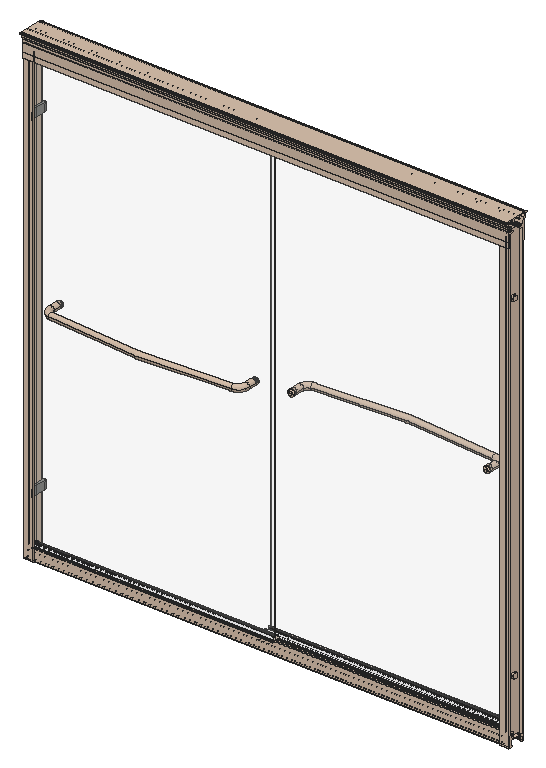
Revit family "Shower-Shower_Door-KOHLER-Fluence-K-702200_1", category Specialty Equipment, host Face, Revit 2021
Family settings
  Host = Face
  Round Connector Dimension = Use Diameter
  Part Type = Normal
  OmniClass Number = 23.31.17.17
  OmniClass Title = Shower Enclosures
  Cut with Voids When Loaded = No
  Shared = No
  Room Calculation Point = No
Parameters (values of type "Clear Glass,ABV-Anodized Brushed Bronze")
  Width [instance] = Walk thru + 31.69291"  # 59.64604"
  WaterSense Certified = 1 = 0  # no
  Walk thru [instance] = 27 61/64"
  URL = "https://www.us.kohler.com/us/"
  Type = 1
  Secondary Finish = Kohler-Glass-L-Crystal_Clear
  Product Page URL = "https://www.us.kohler.com/us/catalog/productDetails.jsp?productId=702200-6L"
  Product Name = "Fluence\r\n"  # constant formula
  Product Documentation Link = "https://www.us.kohler.com/webassets/kpna/catalog/pdf/en/K-702200-6L_spec_US-CA_Kohler_en.pdf"
  Model = if(Type = 1, "K-702200-6L-ABV", if(Type = 2, "K-702200-6L-MX", if(Type = 3, "K-702200-6L-SHP", if(Type = 4, "K-702200-6G54-ABV", if(Type = 5, "K-702200-6G54-MX", if(Type = 6, "K-702200-6G54-SHP", "NA"))))))  # "K-702200-6L-ABV"
  Material = "Premium Metal Construction"  # constant formula
  Master Format 2014 Name = "Shower Doors"  # constant formula
  Master Format 2014 = "10 28 19.16"  # constant formula
  Manufacturer Address = "444 Highland Dr, Kohler, WI 53044"  # constant formula
  Manufacturer = "Kohler Co."  # constant formula
  Length = 7.24567"  # constant formula
  Height = 58.02913"  # constant formula
  Hardware Included = 1 = 1  # yes
  Finish = Kohler-Metal-ABV-Anodized_Brushed_Bronze
  Environmental Product Declaration = ""
  Description = if(or(Type = 1, Type = 2, Type = 3), "54-5/8 - 59-5/8 Inch W x 58 Inch H sliding bath door with 1/4 Inch thick Crystal Clear glass", "54-5/8 - 59-5/8 Inch W x 58 Inch H sliding bath door with 1/4 Inch thick Falling Lines glass")  # "54-5/8 - 59-5/8 Inch W x 58 Inch H sliding bath door with 1/4 Inch thick Crystal Clear glass"
  Default Elevation = 4"
  Declare Label = ""
  Date Modified = "08/09/2022"  # constant formula
  Date Created = "08/09/2022"  # constant formula
  Copyright = "Copyright Kohler Co."  # constant formula
  Contact Us = "https://www.us.kohler.com/us/static/contact.jsp"
  Assembly Code = "C1030200"
  ADA Compliant = 1 = 0  # no
Reference planes (in)
  plane 1 "Center (Front/Back)": y = 0
  plane 2: z = 0
  plane 3 "Center (Left/Right)": x = 0
  plane 4: x = 29.11404
  plane 5: x = -30.532
  plane 6: y = 5.18932
  plane 7: y = -2.05635
  plane 8: x = -0.064
  plane 9: x = 27.88913
  plane 10: x = 28.20704
  plane 11: x = 25.39454
  plane 12: x = 25.14454
  plane 13: x = 28.63153
  plane 14: x = 1.39454
  plane 15: x = 13.39417
  plane 16: x = 1.64454
  plane 17: x = -2.8125
  plane 18: x = -14.8125
  plane 19: x = -26.5625
  plane 20: x = -1.439
  plane 21: z = 28.85509
  plane 22: x = -30
  plane 23: z = 58.02913
  plane 24: x = -27.18808
  plane 25: x = -2.43692
  plane 26: z = 29.23059
  plane 27: z = 28.47942
  plane 28: z = 55.03875
  plane 29: z = 1.63095
  plane 30: y = 3.134
  plane 31: y = 1.56652
  plane 32: z = 57.01108
  plane 33 "D1": y = 2.15619
  plane 34 "D2": y = 1.92619
  plane 35 "P1": y = 0.97781
  plane 36 "P2": y = 1.20781
Dimensions and locks (in)
  locked: plane 5 to plane 8 at 30.468
  "Width": plane 5 to plane 4
  locked: plane 13 to plane 4 at 0.4825
  locked: plane 10 to plane 4 at 0.907
  locked: plane 11 to plane 4 at 3.7195
  locked: plane 12 to plane 4 at 3.9695
  plane 14 to plane 11 = 24"
  locked: plane 14 to plane 16 at 0.25
  plane 12 to plane 11 = 1/4"
  locked: plane 5 to plane 3 "Center (Left/Right)" at 30.532
  "Walk thru": plane 9 to plane 8
  plane 4 to plane 9 = 1.22491"
  "Length": plane 6 to plane 7
  "Height": plane 23 to level
  plane 24 to plane 25 = 24.75117"
  plane 26 to plane 27 = 0.75117"
  plane 28 to plane 29 = 53.4078"
  plane 27 to level = 28.47942"
  aligned and locked: plane 2 to host face
  aligned and locked: level to host face
  aligned and locked: nested 1 to plane 4
  aligned and locked: plane 3 "Center (Left/Right)" to nested 1
Automatic sketch dimensions
  host sketch curve to host sketch curve = 96"  (x2)
Nested families (in)
  nested 1: "K-702200" at (0, 0, 0), type "K-702200"
Definition of nested family "K-702200"
  Parameters (values of type "K-702200")
    Width = Walk Thru + 31.69291"  # 59.64567"
    Walk Thru = 27.95276"
    Secondary Finish = none
    Material = none
    Default Elevation = 0"
  Reference planes (in)
    plane 1 "Center (Front/Back)": y = 0
    plane 2: z = 0
    plane 3 "Center (Left/Right)": x = 0
    plane 4: x = 29.11367
    plane 5: x = -30.532
    plane 6: z = 58.02905
    plane 7: y = 1.56652
    plane 8: y = 5.18932
    plane 9 "F": y = -2.05628
    plane 10: z = 28.85501
    plane 11: x = 25.39417
    plane 12: x = 28.20667
    plane 13: x = 1.39417
    plane 14: x = -26.8125
    plane 15: x = -2.8125
    plane 16: y = 3.134
    plane 17: x = 13.39417
    plane 18: x = 25.14417
    plane 19: x = -26.5625
    plane 20: x = -3.0625
    plane 21: x = 1.64417
    plane 22: z = 57.01108
    plane 23: x = 27.88876
    plane 24 "door2": x = -0.064
    plane 25: x = -14.8125
    plane 26: x = -1.439
    plane 27: x = 28.63117
    plane 28: x = -30
    plane 29: z = 55.03875
    plane 30: z = 1.63095
    plane 31 "door1": y = 2.15619
    plane 32 "d2": y = 1.92619
    plane 33 "P1": y = 1.20781
    plane 34 "P2": y = 0.97781
  Forms (in)
    Extrusion 1, solid, material <- "Material", detail levels medium+fine
      sketch origin (29.093, 2.565, 0) x (0, 1, 0) y (0, 0, 1)
        loop
          line (-0.09022, 0.5137) -> (-0.22807, 0.5137)
          arc (-0.22807, 0.5137) -> (-0.25057, 0.4912) -> (-0.22807, 0.4687) r 0.0225
          line (-0.22807, 0.4687) -> (-0.06534, 0.4687)
          arc (-0.06534, 0.4687) -> (-0.05096, 0.46275) -> (-0.045, 0.44836) r 0.02034
          line (-0.045, 0.44836) -> (-0.045, 0.02241)
          arc (-0.045, 0.02241) -> (-0.0225, -0.00009) -> (0, 0.02241) r 0.0225
          line (0, 0.02241) -> (0, 0.53036) -> (-0.02, 0.565) -> (0, 0.59964) -> (0, 0.6346)
          arc (0, 0.6346) -> (-0.02337, 0.69243) -> (-0.08035, 0.71781) r 0.08326
          line (-0.08035, 0.71781) -> (-1.58747, 0.77044)
          arc (-1.58747, 0.77044) -> (-1.60203, 0.77692) -> (-1.608, 0.7917) r 0.02127
          line (-1.608, 0.7917) -> (-1.608, 0.88625)
          arc (-1.608, 0.88625) -> (-1.60222, 0.90022) -> (-1.58825, 0.906) r 0.01975
          line (-1.58825, 0.906) -> (-1.53212, 0.906)
          arc (-1.53212, 0.906) -> (-1.51817, 0.91194) -> (-1.51279, 0.92611) r 0.01935
          line (-1.51279, 0.92611) -> (-1.53698, 1.5443)
          arc (-1.53698, 1.5443) -> (-1.55307, 1.58284) -> (-1.59045, 1.60147) r 0.05985
          line (-1.59045, 1.60147) -> (-1.86846, 1.63103)
          arc (-1.86846, 1.63103) -> (-1.91436, 1.61616) -> (-1.934, 1.57209) r 0.05927
          line (-1.934, 1.57209) -> (-1.934, 0.01987)
          arc (-1.934, 0.01987) -> (-1.92818, 0.00582) -> (-1.91413, 0) r 0.01987
          line (-1.91413, 0) -> (-1.86764, 0)
          arc (-1.86764, 0) -> (-1.85362, 0.00828) -> (-1.85411, 0.02454) r 0.016
          arc (-1.85411, 0.02454) -> (-1.86729, 0.04224) -> (-1.88302, 0.05771) r 0.14406
          arc (-1.88302, 0.05771) -> (-1.8878, 0.0779) -> (-1.86988, 0.08836) r 0.01743
          arc (-1.86988, 0.08836) -> (-1.82545, 0.07962) -> (-1.78313, 0.06353) r 0.26803
          arc (-1.78313, 0.06353) -> (-1.74156, 0.07912) -> (-1.69803, 0.08787) r 0.27692
          arc (-1.69803, 0.08787) -> (-1.68058, 0.07794) -> (-1.68489, 0.05834) r 0.01692
          arc (-1.68489, 0.05834) -> (-1.70097, 0.0415) -> (-1.71379, 0.02207) r 0.13018
          arc (-1.71379, 0.02207) -> (-1.71346, 0.0073) -> (-1.7006, 0) r 0.01498
          line (-1.7006, 0) -> (-1.65471, 0)
          arc (-1.65471, 0) -> (-1.64006, 0.00606) -> (-1.634, 0.02071) r 0.02071
          line (-1.634, 0.02071) -> (-1.634, 0.08606)
          arc (-1.634, 0.08606) -> (-1.65237, 0.12719) -> (-1.69526, 0.14096) r 0.05523
          arc (-1.69526, 0.14096) -> (-1.74073, 0.13181) -> (-1.78385, 0.11476) r 0.26071
          arc (-1.78385, 0.11476) -> (-1.82519, 0.1319) -> (-1.86875, 0.14215) r 0.27697
          arc (-1.86875, 0.14215) -> (-1.88324, 0.15018) -> (-1.889, 0.16571) r 0.02382
          line (-1.889, 0.16571) -> (-1.889, 1.55999)
          arc (-1.889, 1.55999) -> (-1.88066, 1.57869) -> (-1.86118, 1.585) r 0.02516
          line (-1.86118, 1.585) -> (-1.60441, 1.5577)
          arc (-1.60441, 1.5577) -> (-1.58845, 1.54975) -> (-1.58158, 1.5333) r 0.02555
          line (-1.58158, 1.5333) -> (-1.5598, 0.9768)
          arc (-1.5598, 0.9768) -> (-1.568, 0.95699) -> (-1.58837, 0.95031) r 0.02565
          arc (-1.58837, 0.95031) -> (-1.6336, 0.93599) -> (-1.653, 0.8927) r 0.05799
          line (-1.653, 0.8927) -> (-1.653, 0.79158)
          arc (-1.653, 0.79158) -> (-1.63443, 0.74563) -> (-1.58916, 0.72547) r 0.06615
          line (-1.58916, 0.72547) -> (-0.27166, 0.67946)
          arc (-0.27166, 0.67946) -> (-0.25085, 0.6677) -> (-0.24852, 0.64391) r 0.02591
          arc (-0.24852, 0.64391) -> (-0.24647, 0.62474) -> (-0.22944, 0.6157) r 0.02056
          line (-0.22944, 0.6157) -> (-0.0898, 0.6157)
          arc (-0.0898, 0.6157) -> (-0.0758, 0.6099) -> (-0.07, 0.5959) r 0.0198
          line (-0.07, 0.5959) -> (-0.07, 0.53392)
          arc (-0.07, 0.53392) -> (-0.07592, 0.51963) -> (-0.09022, 0.5137) r 0.02022
      from -59.625 to 0.02067
    Extrusion 2, void
      sketch origin (0, 0, 0) x (0, 1, 0) y (0, 0, 1)
        loop
          line (1.00655, 1.63166) -> (0.58649, 1.66896) -> (0.58649, -0.19685) -> (2.5527, -0.19685) -> (2.5527, 0.74642) -> (1.14238, 0.79512)
          arc (1.14238, 0.79512) -> (1.10316, 0.81216) -> (1.0861, 0.85138) r 0.05833
          line (1.0861, 0.85138) -> (1.06084, 1.57438)
          arc (1.06084, 1.57438) -> (1.04453, 1.61329) -> (1.00655, 1.63166) r 0.0596
      from 27.88876 to 29.11367
    Extrusion 3, solid, material <- "Material", detail levels medium+fine
      sketch origin (0, 0, 0) x (1, 0, 0) y (0, 1, 0)
        loop
          line (-30.532, 2.615) -> (-30.532, 2.565) -> (-30.06986, 2.565)
          arc (-30.06986, 2.565) -> (-30.05582, 2.55918) -> (-30.05, 2.54514) r 0.01986
          line (-30.05, 2.54514) -> (-30.05, 0.60711)
          arc (-30.05, 0.60711) -> (-30.0562, 0.5922) -> (-30.07114, 0.58608) r 0.02103
          arc (-30.07114, 0.58608) -> (-30.30165, 0.58407) -> (-30.532, 0.57549) r 8.08435
          line (-30.532, 0.57549) -> (-30.532, 0.52591)
          arc (-30.532, 0.52591) -> (-29.94328, 0.53519) -> (-29.35471, 0.51888) r 13.54177
          arc (-29.35471, 0.51888) -> (-29.32915, 0.54196) -> (-29.35215, 0.5676) r 0.0244
          arc (-29.35215, 0.5676) -> (-29.66551, 0.58093) -> (-29.97912, 0.58597) r 11.87416
          arc (-29.97912, 0.58597) -> (-29.99389, 0.59213) -> (-30, 0.60691) r 0.02094
          line (-30, 0.60691) -> (-30, 2.573)
          arc (-30, 2.573) -> (-30.0123, 2.6027) -> (-30.042, 2.615) r 0.042
          line (-30.042, 2.615) -> (-30.532, 2.615)
      from 0 to 56.562
    Extrusion 4, solid, material <- "Material", detail levels medium+fine
      sketch origin (0, 0, 0) x (0, 1, 0) y (0, 0, 1)
        loop
          line (2.03453, 57.92717) -> (2.99224, 57.92717)
          arc (2.99224, 57.92717) -> (3.00657, 57.91829) -> (3.00499, 57.9015) r 0.016
          arc (3.00499, 57.9015) -> (2.87918, 57.69582) -> (2.7966, 57.4693) r 1.211
          arc (2.7966, 57.4693) -> (2.71637, 57.10379) -> (2.66101, 56.73369) r 5.54
          arc (2.66101, 56.73369) -> (2.65362, 56.71946) -> (2.63863, 56.71375) r 0.02252
          line (2.63863, 56.71375) -> (2.48969, 56.71375)
          arc (2.48969, 56.71375) -> (2.47471, 56.70754) -> (2.4685, 56.69255) r 0.02119
          line (2.4685, 56.69255) -> (2.4685, 56.65037)
          arc (2.4685, 56.65037) -> (2.40117, 56.6292) -> (2.33201, 56.6151) r 0.68162
          arc (2.33201, 56.6151) -> (2.26784, 56.62545) -> (2.20551, 56.64391) r 0.50723
          arc (2.20551, 56.64391) -> (2.19317, 56.65343) -> (2.1885, 56.66829) r 0.02597
          line (2.1885, 56.66829) -> (2.1885, 56.76401)
          arc (2.1885, 56.76401) -> (2.16043, 56.76364) -> (2.1465, 56.73927) r 0.02829
          line (2.1465, 56.73927) -> (2.1465, 56.66922)
          arc (2.1465, 56.66922) -> (2.15528, 56.63434) -> (2.17952, 56.60777) r 0.07368
          arc (2.17952, 56.60777) -> (2.25361, 56.57327) -> (2.33455, 56.562) r 0.27578
          arc (2.33455, 56.562) -> (2.43391, 56.58164) -> (2.51946, 56.63585) r 0.27556
          arc (2.51946, 56.63585) -> (2.53463, 56.64541) -> (2.55224, 56.64875) r 0.04811
          line (2.55224, 56.64875) -> (2.62922, 56.64875)
          arc (2.62922, 56.64875) -> (2.64424, 56.6422) -> (2.64968, 56.62674) r 0.02051
          arc (2.64968, 56.62674) -> (2.62367, 56.15306) -> (2.615, 55.67875) r 12.97575
          line (2.615, 55.67875) -> (2.615, 55.03875) -> (2.68, 55.03875) -> (2.68, 55.67875)
          arc (2.68, 55.67875) -> (2.69845, 56.28159) -> (2.75373, 56.88217) r 9.85743
          arc (2.75373, 56.88217) -> (2.77708, 57.03828) -> (2.80851, 57.19297) r 3.03223
          arc (2.80851, 57.19297) -> (2.83126, 57.30258) -> (2.85309, 57.41239) r 13.47898
          arc (2.85309, 57.41239) -> (2.89321, 57.55808) -> (2.95509, 57.69594) r 0.98771
          arc (2.95509, 57.69594) -> (2.99248, 57.76158) -> (3.03239, 57.82572) r 1.95097
          arc (3.03239, 57.82572) -> (3.04978, 57.85158) -> (3.06801, 57.87686) r 0.95804
          arc (3.06801, 57.87686) -> (3.09308, 57.9079) -> (3.12047, 57.93691) r 0.51768
          arc (3.12047, 57.93691) -> (3.13048, 57.95166) -> (3.134, 57.96913) r 0.04512
          line (3.134, 57.96913) -> (3.134, 58.00067)
          arc (3.134, 58.00067) -> (3.11557, 58.02539) -> (3.08477, 58.02668) r 0.03588
          arc (3.08477, 58.02668) -> (3.01387, 58.00462) -> (2.94, 57.99717) r 0.36985
          line (2.94, 57.99717) -> (0.194, 57.99717)
          arc (0.194, 57.99717) -> (0.12013, 58.00462) -> (0.04923, 58.02668) r 0.36985
          arc (0.04923, 58.02668) -> (0.01843, 58.02539) -> (0, 58.00067) r 0.03588
          line (0, 58.00067) -> (0, 57.96913)
          arc (0, 57.96913) -> (0.00352, 57.95166) -> (0.01353, 57.93691) r 0.04512
          arc (0.01353, 57.93691) -> (0.04092, 57.9079) -> (0.06599, 57.87686) r 0.51768
          arc (0.06599, 57.87686) -> (0.08422, 57.85158) -> (0.10161, 57.82572) r 0.95804
          arc (0.10161, 57.82572) -> (0.14152, 57.76158) -> (0.17891, 57.69594) r 1.95097
          arc (0.17891, 57.69594) -> (0.24079, 57.55808) -> (0.28091, 57.41239) r 0.98771
          arc (0.28091, 57.41239) -> (0.30274, 57.30258) -> (0.32549, 57.19297) r 13.47898
          arc (0.32549, 57.19297) -> (0.35692, 57.03828) -> (0.38027, 56.88217) r 3.03223
          arc (0.38027, 56.88217) -> (0.43555, 56.28159) -> (0.454, 55.67875) r 9.85743
          line (0.454, 55.67875) -> (0.454, 55.03875) -> (0.519, 55.03875) -> (0.519, 55.67875)
          arc (0.519, 55.67875) -> (0.51033, 56.15306) -> (0.48432, 56.62674) r 12.97575
          arc (0.48432, 56.62674) -> (0.48976, 56.6422) -> (0.50478, 56.64875) r 0.02051
          line (0.50478, 56.64875) -> (0.58176, 56.64875)
          arc (0.58176, 56.64875) -> (0.59937, 56.64541) -> (0.61454, 56.63585) r 0.04811
          arc (0.61454, 56.63585) -> (0.70009, 56.58164) -> (0.79945, 56.562) r 0.27556
          arc (0.79945, 56.562) -> (0.88039, 56.57327) -> (0.95448, 56.60777) r 0.27578
          arc (0.95448, 56.60777) -> (0.97872, 56.63434) -> (0.9875, 56.66922) r 0.07368
          line (0.9875, 56.66922) -> (0.9875, 56.73927)
          arc (0.9875, 56.73927) -> (0.97357, 56.76364) -> (0.9455, 56.76401) r 0.02829
          line (0.9455, 56.76401) -> (0.9455, 56.66829)
          arc (0.9455, 56.66829) -> (0.94083, 56.65343) -> (0.92849, 56.64391) r 0.02597
          arc (0.92849, 56.64391) -> (0.86616, 56.62545) -> (0.80199, 56.6151) r 0.50723
          arc (0.80199, 56.6151) -> (0.73283, 56.6292) -> (0.6655, 56.65037) r 0.68162
          line (0.6655, 56.65037) -> (0.6655, 56.69255)
          arc (0.6655, 56.69255) -> (0.65929, 56.70754) -> (0.64431, 56.71375) r 0.02119
          line (0.64431, 56.71375) -> (0.49537, 56.71375)
          arc (0.49537, 56.71375) -> (0.48038, 56.71946) -> (0.47299, 56.73369) r 0.02252
          arc (0.47299, 56.73369) -> (0.41763, 57.10379) -> (0.3374, 57.4693) r 5.54
          arc (0.3374, 57.4693) -> (0.25482, 57.69582) -> (0.12901, 57.9015) r 1.211
          arc (0.12901, 57.9015) -> (0.12743, 57.91829) -> (0.14176, 57.92717) r 0.016
          line (0.14176, 57.92717) -> (1.09947, 57.92717) -> (1.09947, 57.7152)
          arc (1.09947, 57.7152) -> (1.09611, 57.70005) -> (1.08667, 57.68774) r 0.03584
          line (1.08667, 57.68774) -> (1.0005, 57.61544) -> (1.0005, 57.55017) -> (1.14947, 57.67517) -> (1.14947, 57.92717) -> (1.98453, 57.92717) -> (1.98453, 57.67517) -> (2.1335, 57.55017) -> (2.1335, 57.61544) -> (2.04972, 57.68574)
          arc (2.04972, 57.68574) -> (2.03851, 57.70034) -> (2.03453, 57.71831) r 0.04252
          line (2.03453, 57.71831) -> (2.03453, 57.92717)
      from -30.532 to 29.11367
    Extrusion 5, solid, material <- "Material", detail levels medium+fine
      sketch origin (25.14417, 2.44719, 48) x (0, 1, 0) y (0, 0, 1)
        loop
          line (-0.18, 7.23465) -> (-0.18, 8.27401)
          arc (-0.18, 8.27401) -> (-0.218, 8.3699) -> (-0.31136, 8.41374) r 0.14
          arc (-0.31136, 8.41374) -> (-0.35304, 8.43331) -> (-0.37, 8.47612) r 0.0625
          line (-0.37, 8.47612) -> (-0.37, 9.25601)
          arc (-0.37, 9.25601) -> (-0.41, 9.29601) -> (-0.45, 9.25601) r 0.04
          line (-0.45, 9.25601) -> (-0.45, 8.47612)
          arc (-0.45, 8.47612) -> (-0.46696, 8.43331) -> (-0.50864, 8.41374) r 0.0625
          arc (-0.50864, 8.41374) -> (-0.602, 8.3699) -> (-0.64, 8.27401) r 0.14
          line (-0.64, 8.27401) -> (-0.64, 7.23513)
          arc (-0.64, 7.23513) -> (-0.63399, 7.22013) -> (-0.61928, 7.21345) r 0.02171
          arc (-0.61928, 7.21345) -> (-0.59514, 7.22249) -> (-0.585, 7.2462) r 0.03279
          line (-0.585, 7.2462) -> (-0.545, 7.2462) -> (-0.545, 8.27409)
          arc (-0.545, 8.27409) -> (-0.51867, 8.33767) -> (-0.45509, 8.36401) r 0.08991
          line (-0.45509, 8.36401) -> (-0.37573, 8.36401)
          arc (-0.37573, 8.36401) -> (-0.31582, 8.33919) -> (-0.291, 8.27928) r 0.08473
          line (-0.291, 8.27928) -> (-0.291, 7.2462) -> (-0.235, 7.2462)
          arc (-0.235, 7.2462) -> (-0.22436, 7.22202) -> (-0.19933, 7.21354) r 0.03279
          arc (-0.19933, 7.21354) -> (-0.18556, 7.22034) -> (-0.18, 7.23465) r 0.02119
      from 0.625 to -0.625
    Extrusion 6, solid, material <- "Material", detail levels medium+fine
      sketch origin (0, 3.13304, 0) x (0, -1, 0) y (0, 0, -1)
        loop
          arc (2.26719, -55.23465) -> (2.26163, -55.22034) -> (2.24786, -55.21354) r 0.02119
          arc (2.24786, -55.21354) -> (2.22284, -55.22202) -> (2.21219, -55.2462) r 0.03279
          line (2.21219, -55.2462) -> (2.15619, -55.2462) -> (2.15619, -56.27928)
          arc (2.15619, -56.27928) -> (2.13138, -56.33919) -> (2.07146, -56.36401) r 0.08473
          line (2.07146, -56.36401) -> (1.9921, -56.36401)
          arc (1.9921, -56.36401) -> (1.92853, -56.33767) -> (1.90219, -56.27409) r 0.08991
          line (1.90219, -56.27409) -> (1.90219, -55.2462) -> (1.86219, -55.2462)
          arc (1.86219, -55.2462) -> (1.85205, -55.22249) -> (1.82791, -55.21345) r 0.03279
          arc (1.82791, -55.21345) -> (1.8132, -55.22013) -> (1.80719, -55.23513) r 0.02171
          line (1.80719, -55.23513) -> (1.80719, -56.27401)
          arc (1.80719, -56.27401) -> (1.84519, -56.3699) -> (1.93855, -56.41374) r 0.14
          arc (1.93855, -56.41374) -> (1.98023, -56.43331) -> (1.99719, -56.47612) r 0.0625
          line (1.99719, -56.47612) -> (1.99719, -57.25601)
          arc (1.99719, -57.25601) -> (2.03719, -57.29601) -> (2.07719, -57.25601) r 0.04
          line (2.07719, -57.25601) -> (2.07719, -56.47612)
          arc (2.07719, -56.47612) -> (2.09415, -56.43331) -> (2.13583, -56.41374) r 0.0625
          arc (2.13583, -56.41374) -> (2.2292, -56.3699) -> (2.26719, -56.27401) r 0.14
          line (2.26719, -56.27401) -> (2.26719, -55.23465)
      from -3.6875 to -2.4375
    Extrusion 7, solid, material <- "Material", detail levels medium+fine
      sketch origin (-26.5625, 0.91681, 48) x (0, 1, 0) y (0, 0, 1)
        loop
          arc (-0.05096, 7.23465) -> (-0.04539, 7.22034) -> (-0.03162, 7.21354) r 0.02119
          arc (-0.03162, 7.21354) -> (-0.0066, 7.22202) -> (0.00404, 7.2462) r 0.03279
          line (0.00404, 7.2462) -> (0.06004, 7.2462) -> (0.06004, 8.27928)
          arc (0.06004, 8.27928) -> (0.08486, 8.33919) -> (0.14477, 8.36401) r 0.08473
          line (0.14477, 8.36401) -> (0.22413, 8.36401)
          arc (0.22413, 8.36401) -> (0.28771, 8.33767) -> (0.31404, 8.27409) r 0.08991
          line (0.31404, 8.27409) -> (0.31404, 7.2462) -> (0.35404, 7.2462)
          arc (0.35404, 7.2462) -> (0.36418, 7.22249) -> (0.38832, 7.21345) r 0.03279
          arc (0.38832, 7.21345) -> (0.40303, 7.22013) -> (0.40904, 7.23513) r 0.02171
          line (0.40904, 7.23513) -> (0.40904, 8.27401)
          arc (0.40904, 8.27401) -> (0.37105, 8.3699) -> (0.27768, 8.41374) r 0.14
          arc (0.27768, 8.41374) -> (0.236, 8.43331) -> (0.21904, 8.47612) r 0.0625
          line (0.21904, 8.47612) -> (0.21904, 9.25601)
          arc (0.21904, 9.25601) -> (0.17904, 9.29601) -> (0.13904, 9.25601) r 0.04
          line (0.13904, 9.25601) -> (0.13904, 8.47612)
          arc (0.13904, 8.47612) -> (0.12208, 8.43331) -> (0.0804, 8.41374) r 0.0625
          arc (0.0804, 8.41374) -> (-0.01296, 8.3699) -> (-0.05096, 8.27401) r 0.14
          line (-0.05096, 8.27401) -> (-0.05096, 7.23465)
      from -0.625 to 0.625
    Revolve 8, solid, material <- "Material", detail levels medium+fine
      sketch origin (-26.5625, 0.91681, 48) x (0, 1, 0) y (0, 0, 1)
        loop
          line (0.12505, 9.2303) -> (0.015, 9.2303) -> (0.015, 9.35664) -> (-0.01506, 9.3867) -> (-0.20491, 9.3867) -> (-0.235, 9.35661) -> (-0.235, 9.01108) -> (0.14906, 9.01108) -> (0.14906, 9.20629) -> (0.12505, 9.2303)
        axis (0.14906, 9.01108) -> (-0.235, 9.01108)
      angle from 0 to 360
    Revolve 9, solid, material <- "Material", detail levels medium+fine
      sketch origin (25.14417, 2.44719, 48) x (0, 1, 0) y (0, 0, 1)
        loop
          line (-0.35601, 9.2303) -> (-0.38002, 9.20629) -> (-0.38002, 9.01108) -> (0.00404, 9.01108) -> (0.00404, 9.35661) -> (-0.02605, 9.3867) -> (-0.2159, 9.3867) -> (-0.24596, 9.35664) -> (-0.24596, 9.2303) -> (-0.35601, 9.2303)
        axis (-0.38002, 9.01108) -> (0.00404, 9.01108)
      angle from 0 to 360
    Extrusion 10, solid, material <- "Secondary Finish"
      sketch origin (0, 0, 0) x (1, 0, 0) y (0, 1, 0)
        loop
          spline (-29.52603, 1.20781) -> (-29.53134, 1.20017) -> (-29.53629, 1.19205) -> (-29.54087, 1.18348) -> (-29.54505, 1.17449) -> (-29.54882, 1.16514) -> (-29.55217, 1.15545) -> (-29.55507, 1.14547) -> (-29.55751, 1.13524) -> (-29.55949, 1.12481) -> (-29.561, 1.11422) -> (-29.56202, 1.10352) -> (-29.56256, 1.09275)
          spline (-29.56256, 1.09275) -> (-29.56215, 1.08199) -> (-29.56123, 1.0713) -> (-29.55981, 1.06072) -> (-29.55788, 1.0503) -> (-29.55547, 1.04009) -> (-29.55258, 1.03012) -> (-29.54923, 1.02044) -> (-29.54542, 1.01109) -> (-29.54118, 1.00212) -> (-29.53652, 0.99355) -> (-29.53146, 0.98544) -> (-29.52603, 0.97781)
          line (-29.52603, 0.97781) -> (-0.1001, 0.97781)
          spline (-0.1001, 0.97781) -> (-0.08929, 0.99334) -> (-0.08013, 1.01081) -> (-0.07282, 1.02987) -> (-0.0675, 1.05016) -> (-0.06426, 1.07128) -> (-0.06317, 1.09281) -> (-0.06426, 1.11434) -> (-0.0675, 1.13546) -> (-0.07282, 1.15574) -> (-0.08013, 1.1748) -> (-0.08929, 1.19227) -> (-0.1001, 1.20781)
          line (-0.1001, 1.20781) -> (-29.52603, 1.20781)
      from 1.38601 to 56.32401
    Extrusion 11, solid
      sketch origin (0, 0, 0) x (0, 1, 0) y (0, 0, 1)
        loop
          line (1.82555, 1.89817) -> (1.54335, 1.44917)
          arc (1.54335, 1.44917) -> (1.55121, 1.4147) -> (1.58568, 1.42257) r 0.025
          line (1.58568, 1.42257) -> (1.858, 1.85583)
          arc (1.858, 1.85583) -> (1.87293, 1.86129) -> (1.88195, 1.8482) r 0.01298
          line (1.88195, 1.8482) -> (1.85669, 1.39636)
          arc (1.85669, 1.39636) -> (1.87223, 1.35389) -> (1.91377, 1.33601) r 0.05717
          line (1.91377, 1.33601) -> (2.16947, 1.33601)
          arc (2.16947, 1.33601) -> (2.21042, 1.35364) -> (2.22574, 1.39551) r 0.05636
          line (2.22574, 1.39551) -> (2.20098, 1.83834)
          arc (2.20098, 1.83834) -> (2.21177, 1.854) -> (2.22964, 1.84747) r 0.01553
          line (2.22964, 1.84747) -> (2.49731, 1.4216)
          arc (2.49731, 1.4216) -> (2.53178, 1.41374) -> (2.53964, 1.44821) r 0.025
          line (2.53964, 1.44821) -> (2.25616, 1.89924)
          arc (2.25616, 1.89924) -> (2.1896, 1.92358) -> (2.1494, 1.86522) r 0.05786
          line (2.1494, 1.86522) -> (2.15143, 1.82892)
          arc (2.15143, 1.82892) -> (2.13228, 1.80782) -> (2.15366, 1.78898) r 0.02
          line (2.15366, 1.78898) -> (2.15757, 1.71909)
          arc (2.15757, 1.71909) -> (2.13871, 1.69801) -> (2.1598, 1.67915) r 0.02
          line (2.1598, 1.67915) -> (2.16371, 1.60926)
          arc (2.16371, 1.60926) -> (2.14508, 1.58819) -> (2.16594, 1.56933) r 0.02
          line (2.16594, 1.56933) -> (2.17505, 1.40639)
          arc (2.17505, 1.40639) -> (2.1698, 1.39205) -> (2.15578, 1.38601) r 0.0193
          line (2.15578, 1.38601) -> (1.92695, 1.38601)
          arc (1.92695, 1.38601) -> (1.91269, 1.39215) -> (1.90735, 1.40673) r 0.01963
          line (1.90735, 1.40673) -> (1.91644, 1.56933)
          arc (1.91644, 1.56933) -> (1.93809, 1.58815) -> (1.91867, 1.60926) r 0.02001
          line (1.91867, 1.60926) -> (1.92258, 1.67915)
          arc (1.92258, 1.67915) -> (1.94359, 1.69801) -> (1.92481, 1.71909) r 0.02
          line (1.92481, 1.71909) -> (1.92872, 1.78898)
          arc (1.92872, 1.78898) -> (1.9497, 1.80784) -> (1.93095, 1.82892) r 0.02
          line (1.93095, 1.82892) -> (1.93291, 1.86396)
          arc (1.93291, 1.86396) -> (1.89248, 1.92265) -> (1.82555, 1.89817) r 0.05819
      from -1.439 to 28.20667
    Extrusion 12, solid
      sketch origin (0, 0, 0) x (0, 1, 0) y (0, 0, 1)
        loop
          line (0.8773, 1.89817) -> (0.59509, 1.44917)
          arc (0.59509, 1.44917) -> (0.60296, 1.4147) -> (0.63743, 1.42257) r 0.025
          line (0.63743, 1.42257) -> (0.90974, 1.85583)
          arc (0.90974, 1.85583) -> (0.92467, 1.86129) -> (0.9337, 1.8482) r 0.01298
          line (0.9337, 1.8482) -> (0.90843, 1.39636)
          arc (0.90843, 1.39636) -> (0.92398, 1.35389) -> (0.96551, 1.33601) r 0.05717
          line (0.96551, 1.33601) -> (1.22121, 1.33601)
          arc (1.22121, 1.33601) -> (1.26216, 1.35364) -> (1.27748, 1.39551) r 0.05636
          line (1.27748, 1.39551) -> (1.25272, 1.83834)
          arc (1.25272, 1.83834) -> (1.26351, 1.854) -> (1.28138, 1.84747) r 0.01553
          line (1.28138, 1.84747) -> (1.54905, 1.4216)
          arc (1.54905, 1.4216) -> (1.58352, 1.41374) -> (1.59138, 1.44821) r 0.025
          line (1.59138, 1.44821) -> (1.3079, 1.89924)
          arc (1.3079, 1.89924) -> (1.24134, 1.92358) -> (1.20114, 1.86522) r 0.05786
          line (1.20114, 1.86522) -> (1.20317, 1.82892)
          arc (1.20317, 1.82892) -> (1.18402, 1.80782) -> (1.2054, 1.78898) r 0.02
          line (1.2054, 1.78898) -> (1.20931, 1.71909)
          arc (1.20931, 1.71909) -> (1.19045, 1.69801) -> (1.21154, 1.67915) r 0.02
          line (1.21154, 1.67915) -> (1.21545, 1.60926)
          arc (1.21545, 1.60926) -> (1.19682, 1.58819) -> (1.21768, 1.56933) r 0.02
          line (1.21768, 1.56933) -> (1.22679, 1.40639)
          arc (1.22679, 1.40639) -> (1.22155, 1.39205) -> (1.20752, 1.38601) r 0.0193
          line (1.20752, 1.38601) -> (0.97869, 1.38601)
          arc (0.97869, 1.38601) -> (0.96443, 1.39215) -> (0.95909, 1.40673) r 0.01963
          line (0.95909, 1.40673) -> (0.96818, 1.56933)
          arc (0.96818, 1.56933) -> (0.98983, 1.58815) -> (0.97041, 1.60926) r 0.02001
          line (0.97041, 1.60926) -> (0.97432, 1.67915)
          arc (0.97432, 1.67915) -> (0.99533, 1.69801) -> (0.97656, 1.71909) r 0.02
          line (0.97656, 1.71909) -> (0.98046, 1.78898)
          arc (0.98046, 1.78898) -> (1.00144, 1.80784) -> (0.9827, 1.82892) r 0.02
          line (0.9827, 1.82892) -> (0.98465, 1.86396)
          arc (0.98465, 1.86396) -> (0.94423, 1.92265) -> (0.8773, 1.89817) r 0.05819
      from -29.6249 to 0
    Extrusion 13, solid, material <- "Secondary Finish"
      sketch origin (0, 0.94838, 0) x (1, 0, 0) y (0, 1, 0)
        loop
          spline (-1.34039, 1.20781) -> (-1.34569, 1.20017) -> (-1.35064, 1.19205) -> (-1.35522, 1.18348) -> (-1.35941, 1.17449) -> (-1.36318, 1.16514) -> (-1.36652, 1.15545) -> (-1.36942, 1.14547) -> (-1.37187, 1.13524) -> (-1.37385, 1.12481) -> (-1.37535, 1.11422) -> (-1.37638, 1.10352) -> (-1.37692, 1.09275)
          spline (-1.37692, 1.09275) -> (-1.3765, 1.08199) -> (-1.37558, 1.0713) -> (-1.37416, 1.06072) -> (-1.37224, 1.0503) -> (-1.36983, 1.04009) -> (-1.36694, 1.03012) -> (-1.36358, 1.02044) -> (-1.35978, 1.01109) -> (-1.35553, 1.00212) -> (-1.35087, 0.99355) -> (-1.34581, 0.98544) -> (-1.34038, 0.97781)
          line (-1.34038, 0.97781) -> (28.10722, 0.97781)
          spline (28.10722, 0.97781) -> (28.11804, 0.99334) -> (28.12719, 1.01081) -> (28.1345, 1.02987) -> (28.13983, 1.05016) -> (28.14306, 1.07128) -> (28.14415, 1.09281) -> (28.14306, 1.11434) -> (28.13983, 1.13546) -> (28.1345, 1.15574) -> (28.12719, 1.1748) -> (28.11803, 1.19227) -> (28.10722, 1.20781)
          line (28.10722, 1.20781) -> (-1.34039, 1.20781)
      from 1.38601 to 56.32401
    Sweep 14, solid, material <- "Material"
      path origin (-1.439, 3.13304, 0) x (-1, 0, 0) y (0, -1, 0)
        loop
          line (-26.45828, 0.9827) -> (-26.45828, 0.06247)
          arc (-26.45828, 0.06247) -> (-26.3135, -0.32488) -> (-25.95015, -0.5223) r 0.59055
          arc (-25.95015, -0.5223) -> (-14.83326, -1.30186) -> (-3.71636, -0.52232) r 79.6573
          arc (-3.71636, -0.52232) -> (-3.35301, -0.3249) -> (-3.20823, 0.06245) r 0.59055
          line (-3.20823, 0.06245) -> (-3.20823, 0.9827)
      profile origin (1.76923, 2.15035, 0) x (1, 0, 0) y (0, 0, 1)
        loop
          circle (-0.37506, 28.85501) r 0.3759
    Revolve 15, solid, material <- "Material"
      sketch origin (0, 2.89619, 28.85501) x (0, 1, 0) y (-1, 0, 0)
        loop
          arc (-1.15974, -25.01911) -> (-1.17793, -25.02026) -> (-1.19583, -25.02371) r 0.1438
          arc (-1.19583, -25.02371) -> (-1.2501, -25.0535) -> (-1.28362, -25.10554) r 0.12596
          arc (-1.28362, -25.10554) -> (-1.31892, -25.24794) -> (-1.33079, -25.39417) r 0.90662
          line (-1.33079, -25.39417) -> (-1.022, -25.39417) -> (-1.022, -25.18817) -> (-1.115, -25.18817) -> (-1.115, -25.01911) -> (-1.15974, -25.01911)
        axis (-1.022, -25.39417) -> (-1.33079, -25.39417)
      angle from 0 to 360
    Extrusion 16, solid, material <- "Material", detail levels medium+fine
      sketch origin (1.64417, 2.44719, 48) x (0, 1, 0) y (0, 0, -1)
        loop
          arc (-0.18, -7.23465) -> (-0.18556, -7.22034) -> (-0.19933, -7.21354) r 0.02119
          arc (-0.19933, -7.21354) -> (-0.22436, -7.22202) -> (-0.235, -7.2462) r 0.03279
          line (-0.235, -7.2462) -> (-0.291, -7.2462) -> (-0.291, -8.27928)
          arc (-0.291, -8.27928) -> (-0.31582, -8.33919) -> (-0.37573, -8.36401) r 0.08473
          line (-0.37573, -8.36401) -> (-0.45509, -8.36401)
          arc (-0.45509, -8.36401) -> (-0.51867, -8.33767) -> (-0.545, -8.27409) r 0.08991
          line (-0.545, -8.27409) -> (-0.545, -7.2462) -> (-0.585, -7.2462)
          arc (-0.585, -7.2462) -> (-0.59514, -7.22249) -> (-0.61928, -7.21345) r 0.03279
          arc (-0.61928, -7.21345) -> (-0.63399, -7.22013) -> (-0.64, -7.23513) r 0.02171
          line (-0.64, -7.23513) -> (-0.64, -8.27401)
          arc (-0.64, -8.27401) -> (-0.602, -8.3699) -> (-0.50864, -8.41374) r 0.14
          arc (-0.50864, -8.41374) -> (-0.46696, -8.43331) -> (-0.45, -8.47612) r 0.0625
          line (-0.45, -8.47612) -> (-0.45, -9.25601)
          arc (-0.45, -9.25601) -> (-0.41, -9.29601) -> (-0.37, -9.25601) r 0.04
          line (-0.37, -9.25601) -> (-0.37, -8.47612)
          arc (-0.37, -8.47612) -> (-0.35304, -8.43331) -> (-0.31136, -8.41374) r 0.0625
          arc (-0.31136, -8.41374) -> (-0.218, -8.3699) -> (-0.18, -8.27401) r 0.14
          line (-0.18, -8.27401) -> (-0.18, -7.23465)
      from 0.625 to -0.625
    Revolve 17, solid, material <- "Material", detail levels medium+fine
      sketch origin (1.64417, 2.44719, 48) x (0, 1, 0) y (0, 0, 1)
        loop
          line (-0.35601, 9.2303) -> (-0.38002, 9.20629) -> (-0.38002, 9.01108) -> (0.00404, 9.01108) -> (0.00404, 9.35661) -> (-0.02605, 9.3867) -> (-0.2159, 9.3867) -> (-0.24596, 9.35664) -> (-0.24596, 9.2303) -> (-0.35601, 9.2303)
        axis (-0.38002, 9.01108) -> (0.00404, 9.01108)
      angle from 0 to 360
    Revolve 18, solid, material <- "Material"
      sketch origin (26.747, 2.89619, 28.85501) x (0, 1, 0) y (-1, 0, 0)
        loop
          line (-1.15974, 24.97777) -> (-1.115, 24.97777) -> (-1.115, 25.14683) -> (-1.022, 25.14683) -> (-1.022, 25.35283) -> (-1.33079, 25.35283)
          arc (-1.33079, 25.35283) -> (-1.31892, 25.2066) -> (-1.28362, 25.0642) r 0.90662
          arc (-1.28362, 25.0642) -> (-1.2501, 25.01216) -> (-1.19583, 24.98237) r 0.12596
          arc (-1.19583, 24.98237) -> (-1.17793, 24.97893) -> (-1.15974, 24.97777) r 0.1438
        axis (-1.022, 25.35283) -> (-1.33079, 25.35283)
      angle from 0 to 360
    Revolve 19, solid, material <- "Material", detail levels medium+fine
      sketch origin (-3.0625, 0.91681, 48) x (0, 1, 0) y (0, 0, -1)
        loop
          line (0.12505, -9.2303) -> (0.14906, -9.20629) -> (0.14906, -9.01108) -> (-0.235, -9.01108) -> (-0.235, -9.35661) -> (-0.20491, -9.3867) -> (-0.01506, -9.3867) -> (0.015, -9.35664) -> (0.015, -9.2303) -> (0.12505, -9.2303)
        axis (0.14906, -9.01108) -> (-0.235, -9.01108)
      angle from 0 to 360
    Extrusion 20, solid, material <- "Material", detail levels medium+fine
      sketch origin (28.586, 1.56956, 56.562) x (1, 0, 0) y (0, 1, 0)
        loop
          line (0.52767, 1.0395) -> (0.03717, 1.0395)
          arc (0.03717, 1.0395) -> (0.00747, 1.0272) -> (-0.00483, 0.9975) r 0.042
          line (-0.00483, 0.9975) -> (-0.00483, -0.96859)
          arc (-0.00483, -0.96859) -> (-0.01095, -0.98337) -> (-0.02572, -0.98953) r 0.02094
          arc (-0.02572, -0.98953) -> (-0.33932, -0.99457) -> (-0.65268, -1.0079) r 11.87416
          arc (-0.65268, -1.0079) -> (-0.67569, -1.03354) -> (-0.65012, -1.05662) r 0.0244
          arc (-0.65012, -1.05662) -> (-0.06155, -1.04031) -> (0.52717, -1.04959) r 13.54177
          line (0.52717, -1.04959) -> (0.52717, -1.00001)
          arc (0.52717, -1.00001) -> (0.29681, -0.99143) -> (0.06631, -0.98942) r 8.08435
          arc (0.06631, -0.98942) -> (0.05136, -0.9833) -> (0.04517, -0.96839) r 0.02103
          line (0.04517, -0.96839) -> (0.04517, 0.96964)
          arc (0.04517, 0.96964) -> (0.05098, 0.98368) -> (0.06503, 0.9895) r 0.01986
          line (0.06503, 0.9895) -> (0.52767, 0.9895) -> (0.52767, 1.0395)
      from -56.546 to 0
    Extrusion 21, void
      sketch origin (-66.88633, 0.00406, 0) x (0, 1, 0) y (0, 0, 1)
        loop
          line (1.00655, 1.63166) -> (0.58855, 1.66877) -> (0.58855, -0.19685) -> (2.54039, -0.19685) -> (2.54039, 0.74685) -> (1.14238, 0.79512)
          arc (1.14238, 0.79512) -> (1.10316, 0.81216) -> (1.0861, 0.85138) r 0.05833
          line (1.0861, 0.85138) -> (1.06084, 1.57438)
          arc (1.06084, 1.57438) -> (1.04453, 1.61329) -> (1.00655, 1.63166) r 0.0596
      from 36.35433 to 37.73228
    Revolve 22, solid, material <- "Material"
      sketch origin (0, 2.89619, 28.85501) x (0, 1, 0) y (-1, 0, 0)
        loop
          line (-1.54338, 26.8125) -> (-1.3268, 26.8125)
          arc (-1.3268, 26.8125) -> (-1.33211, 26.90911) -> (-1.34796, 27.00455) r 0.88222
          arc (-1.34796, 27.00455) -> (-1.3607, 27.05465) -> (-1.37638, 27.10391) r 0.87371
          arc (-1.37638, 27.10391) -> (-1.42209, 27.16452) -> (-1.49442, 27.18756) r 0.12511
          line (-1.49442, 27.18756) -> (-1.54338, 27.18756) -> (-1.54338, 26.8125)
        axis (-1.54338, 26.8125) -> (-1.3268, 26.8125)
      angle from 0 to 360
    Revolve 23, solid, material <- "Material"
      sketch origin (0, 2.89619, 28.85501) x (0, 1, 0) y (-1, 0, 0)
        loop
          line (-1.54338, 3.01853) -> (-1.63638, 3.01853) -> (-1.63638, 2.8125) -> (-1.3268, 2.8125)
          arc (-1.3268, 2.8125) -> (-1.33211, 2.90911) -> (-1.34796, 3.00455) r 0.88222
          arc (-1.34796, 3.00455) -> (-1.3607, 3.05465) -> (-1.37638, 3.10391) r 0.87371
          arc (-1.37638, 3.10391) -> (-1.42209, 3.16452) -> (-1.49442, 3.18756) r 0.12511
          line (-1.49442, 3.18756) -> (-1.54338, 3.18756) -> (-1.54338, 3.01853)
        axis (-1.63638, 2.8125) -> (-1.3268, 2.8125)
      angle from 0 to 360
    Extrusion 24, solid, detail levels medium+fine
      sketch origin (0, 0, 0) x (1, 0, 0) y (0, 1, 0)
        loop
          line (-29.86714, 2.80291) -> (-30.45149, 2.68382)
          arc (-30.45149, 2.68382) -> (-30.47914, 2.64627) -> (-30.44455, 2.615) r 0.03476
          line (-30.44455, 2.615) -> (-29.99032, 2.615)
          arc (-29.99032, 2.615) -> (-29.95262, 2.59938) -> (-29.937, 2.56168) r 0.05332
          line (-29.937, 2.56168) -> (-29.937, 0.62154) -> (-29.5625, 0.615) -> (-29.5625, 2.5541)
          arc (-29.5625, 2.5541) -> (-29.6558, 2.75077) -> (-29.86714, 2.80291) r 0.25393
      from 7 to 8
    Extrusion 25, solid, detail levels medium+fine
      sketch origin (0, 0, 41.73228) x (1, 0, 0) y (0, 1, 0)
        loop
          line (-29.86714, 2.80291) -> (-30.45149, 2.68382)
          arc (-30.45149, 2.68382) -> (-30.47914, 2.64627) -> (-30.44455, 2.615) r 0.03476
          line (-30.44455, 2.615) -> (-29.99032, 2.615)
          arc (-29.99032, 2.615) -> (-29.95262, 2.59938) -> (-29.937, 2.56168) r 0.05332
          line (-29.937, 2.56168) -> (-29.937, 0.62154) -> (-29.5625, 0.615) -> (-29.5625, 2.5541)
          arc (-29.5625, 2.5541) -> (-29.6558, 2.75077) -> (-29.86714, 2.80291) r 0.25393
      from 6.82972 to 7.82972
    Extrusion 26, solid, detail levels medium+fine
      sketch origin (0, 0, 41.73228) x (-1, 0, 0) y (0, -1, 0)
        loop
          arc (-28.42814, -2.80291) -> (-28.2168, -2.75077) -> (-28.1235, -2.5541) r 0.25393
          line (-28.1235, -2.5541) -> (-28.1235, -0.615) -> (-28.498, -0.62154) -> (-28.498, -2.56168)
          arc (-28.498, -2.56168) -> (-28.51362, -2.59938) -> (-28.55132, -2.615) r 0.05332
          line (-28.55132, -2.615) -> (-29.00555, -2.615)
          arc (-29.00555, -2.615) -> (-29.04014, -2.64627) -> (-29.01249, -2.68382) r 0.03476
          line (-29.01249, -2.68382) -> (-28.42814, -2.80291)
      from 6.82972 to 7.82972
    Extrusion 27, solid, detail levels medium+fine
      sketch origin (0, 0, 15.97773) x (0, 1, 0) y (1, 0, 0)
        loop
          line (2.80291, 28.42814) -> (2.68382, 29.01249)
          arc (2.68382, 29.01249) -> (2.64627, 29.04014) -> (2.615, 29.00555) r 0.03476
          line (2.615, 29.00555) -> (2.615, 28.55132)
          arc (2.615, 28.55132) -> (2.59938, 28.51362) -> (2.56168, 28.498) r 0.05332
          line (2.56168, 28.498) -> (0.62154, 28.498) -> (0.615, 28.1235) -> (2.5541, 28.1235)
          arc (2.5541, 28.1235) -> (2.75077, 28.2168) -> (2.80291, 28.42814) r 0.25393
      from 7.97773 to 8.97773
    Sweep 28, solid, material <- "Material"
      path origin (0, 0, 0) x (1, 0, 0) y (0, 1, 0)
        loop
          line (-26.43752, 0.98153) -> (-26.43752, 0.06131)
          arc (-26.43752, 0.06131) -> (-26.29274, -0.32604) -> (-25.92939, -0.52346) r 0.59055
          arc (-25.92939, -0.52346) -> (-14.8125, -1.30302) -> (-3.69561, -0.52348) r 79.6573
          arc (-3.69561, -0.52348) -> (-3.33225, -0.32606) -> (-3.18747, 0.06129) r 0.59055
          line (-3.18747, 0.06129) -> (-3.18747, 0.98153)
      profile origin (-3.18747, 0.98153, 0) x (-1, 0, 0) y (0, 0, 1)
        loop
          circle (-0.37497, 28.85501) r 0.37497
    Extrusion 29, solid, material <- "Material", detail levels medium+fine
      sketch origin (28.63117, 1.65731, 48) x (0, 1, 0) y (0, 0, 1)
        loop
          arc (-0.2011, 1.30448) -> (-0.28823, 1.26838) -> (-0.32433, 1.18125) r 0.12323
          line (-0.32433, 1.18125) -> (-0.32433, 0.94274)
          arc (-0.32433, 0.94274) -> (-0.28823, 0.8556) -> (-0.2011, 0.81951) r 0.12323
          line (-0.2011, 0.81951) -> (0.03753, 0.81951)
          arc (0.03753, 0.81951) -> (0.12466, 0.8556) -> (0.16075, 0.94274) r 0.12323
          line (0.16075, 0.94274) -> (0.16075, 1.18122)
          arc (0.16075, 1.18122) -> (0.12465, 1.26838) -> (0.0375, 1.30448) r 0.12325
          line (0.0375, 1.30448) -> (-0.2011, 1.30448)
      from 0 to 0.41833
    Extrusion 30, solid, material <- "Material", detail levels medium+fine
      sketch origin (28.63117, 1.65731, 48) x (0, 1, 0) y (0, 0, 1)
        loop
          arc (-0.2011, -40.25752) -> (-0.28823, -40.29361) -> (-0.32433, -40.38075) r 0.12323
          line (-0.32433, -40.38075) -> (-0.32433, -40.61925)
          arc (-0.32433, -40.61925) -> (-0.28823, -40.70639) -> (-0.2011, -40.74248) r 0.12323
          line (-0.2011, -40.74248) -> (0.03753, -40.74248)
          arc (0.03753, -40.74248) -> (0.12466, -40.70639) -> (0.16075, -40.61925) r 0.12323
          line (0.16075, -40.61925) -> (0.16075, -40.38077)
          arc (0.16075, -40.38077) -> (0.12465, -40.29362) -> (0.0375, -40.25752) r 0.12325
          line (0.0375, -40.25752) -> (-0.2011, -40.25752)
      from 0 to 0.41833
    Extrusion 31, solid, material <- "Material", detail levels medium+fine
      sketch origin (-30, 1.78768, 48) x (0, 1, 0) y (0, 0, 1)
        loop
          arc (-0.33146, 1.30448) -> (-0.4186, 1.26838) -> (-0.45469, 1.18125) r 0.12323
          line (-0.45469, 1.18125) -> (-0.45469, 0.94274)
          arc (-0.45469, 0.94274) -> (-0.4186, 0.8556) -> (-0.33146, 0.81951) r 0.12323
          line (-0.33146, 0.81951) -> (-0.09284, 0.81951)
          arc (-0.09284, 0.81951) -> (-0.00571, 0.8556) -> (0.03039, 0.94274) r 0.12323
          line (0.03039, 0.94274) -> (0.03039, 1.18122)
          arc (0.03039, 1.18122) -> (-0.00571, 1.26838) -> (-0.09286, 1.30448) r 0.12325
          line (-0.09286, 1.30448) -> (-0.33146, 1.30448)
      from 0 to -0.4885
    Extrusion 32, solid, material <- "Material", detail levels medium+fine
      sketch origin (-30, 1.78768, 48) x (0, 1, 0) y (0, 0, 1)
        loop
          arc (-0.33146, -40.25752) -> (-0.4186, -40.29361) -> (-0.45469, -40.38075) r 0.12323
          line (-0.45469, -40.38075) -> (-0.45469, -40.61925)
          arc (-0.45469, -40.61925) -> (-0.4186, -40.70639) -> (-0.33146, -40.74248) r 0.12323
          line (-0.33146, -40.74248) -> (-0.09284, -40.74248)
          arc (-0.09284, -40.74248) -> (-0.00571, -40.70639) -> (0.03039, -40.61925) r 0.12323
          line (0.03039, -40.61925) -> (0.03039, -40.38077)
          arc (0.03039, -40.38077) -> (-0.00571, -40.29362) -> (-0.09286, -40.25752) r 0.12325
          line (-0.09286, -40.25752) -> (-0.33146, -40.25752)
      from 0 to -0.4885
    Extrusion 33, solid, detail levels medium+fine
      sketch origin (0, 0, 0) x (0, 1, 0) y (0, 0, 1)
        loop
          line (2.43945, 0.79943) -> (2.02062, 0.81406)
          arc (2.02062, 0.81406) -> (1.97427, 0.83421) -> (1.95412, 0.88056) r 0.06895
          line (1.95412, 0.88056) -> (1.93061, 1.55384)
          arc (1.93061, 1.55384) -> (1.91287, 1.59368) -> (1.87243, 1.61003) r 0.05822
          line (1.87243, 1.61003) -> (1.76398, 1.61003)
          arc (1.76398, 1.61003) -> (1.72634, 1.59482) -> (1.70982, 1.55772) r 0.05419
          line (1.70982, 1.55772) -> (1.68665, 0.89421)
          arc (1.68665, 0.89421) -> (1.66493, 0.84654) -> (1.61586, 0.82819) r 0.06844
          line (1.61586, 0.82819) -> (1.09033, 0.84655)
          arc (1.09033, 0.84655) -> (1.06923, 0.85201) -> (1.05242, 0.86589) r 0.0503
          arc (1.05242, 0.86589) -> (1.02188, 0.88795) -> (0.98428, 0.8902) r 0.06747
          line (0.98428, 0.8902) -> (0.98082, 0.79106)
          arc (0.98082, 0.79106) -> (0.98638, 0.7762) -> (1.00081, 0.76962) r 0.02073
          line (1.00081, 0.76962) -> (2.48477, 0.7178)
          arc (2.48477, 0.7178) -> (2.5414, 0.69274) -> (2.56498, 0.63547) r 0.08311
          line (2.56498, 0.63547) -> (2.56908, 0.16565)
          arc (2.56908, 0.16565) -> (2.57523, 0.15106) -> (2.58988, 0.14503) r 0.02081
          line (2.58988, 0.14503) -> (2.65428, 0.14503) -> (2.65428, 1.54855)
          arc (2.65428, 1.54855) -> (2.59282, 1.6111) -> (2.52921, 1.55074) r 0.06255
          line (2.52921, 1.55074) -> (2.50511, 0.86067)
          arc (2.50511, 0.86067) -> (2.48496, 0.81645) -> (2.43945, 0.79943) r 0.06349
      from -2.032 to 0.968
    Extrusion 34, solid, material <- "Material", detail levels coarse
      sketch origin (0, 0, 0) x (0, 1, 0) y (0, 0, 1)
        loop
          line (3.134, 58.02905) -> (-0.03609, 58.02905)
          arc (-0.03609, 58.02905) -> (0.3103, 57.20749) -> (0.43034, 56.32401) r 3.38754
          line (0.43034, 56.32401) -> (2.70114, 56.32401)
          arc (2.70114, 56.32401) -> (2.80496, 57.20512) -> (3.134, 58.02905) r 3.38754
        loop
          line (0.5013, 0) -> (2.66421, 0) -> (2.66421, 1.33815) -> (0.5013, 1.33815) -> (0.5013, 0)
      from -30.532 to 29.11367
    Extrusion 35, solid, material <- "Material", detail levels coarse
      sketch origin (0, 0, 0) x (1, 0, 0) y (0, 1, 0)
        loop
          line (-30.532, 2.615) -> (-30.532, 0.51883) -> (-29.5625, 0.51883) -> (-29.5625, 2.615) -> (-30.532, 2.615)
        loop
          line (29.11367, 0.51996) -> (29.11367, 2.615) -> (28.14326, 2.615) -> (28.14326, 0.51996) -> (29.11367, 0.51996)
      from 1.33601 to 56.36401
  Cuts and joins
    Extrusion 2, Extrusion 21 cuts Extrusion 20
    Extrusion 21 cuts Extrusion 3
    joined: Extrusion 34, Extrusion 35
  Lines and regions (in)
    Masking region 1
      outline origin (0, 0, 0) x (1, 0, 0) y (0, 1, 0)
        loop
          line (-30.532, 0) -> (-27.18554, 0)
          arc (-27.18554, 0) -> (-26.86693, -0.83864) -> (-26.07807, -1.26588) r 1.28816
          arc (-26.07807, -1.26588) -> (-14.86164, -2.0563) -> (-3.6452, -1.26588) r 79.97936
          arc (-3.6452, -1.26588) -> (-2.8181, -0.84288) -> (-2.42748, 0) r 1.42495
          line (-2.42748, 0) -> (29.11367, 0) -> (29.11367, 3.134) -> (25.76953, 3.134)
          arc (25.76953, 3.134) -> (25.72285, 3.43036) -> (25.61355, 3.70975) r 1.38735
          arc (25.61355, 3.70975) -> (25.27992, 4.11651) -> (24.81147, 4.35589) r 1.28772
          arc (24.81147, 4.35589) -> (13.39417, 5.18932) -> (1.97687, 4.35589) r 78.62042
          arc (1.97687, 4.35589) -> (1.50842, 4.11651) -> (1.17479, 3.70975) r 1.28772
          arc (1.17479, 3.70975) -> (1.06549, 3.43036) -> (1.01881, 3.134) r 1.38735
          line (1.01881, 3.134) -> (-30.532, 3.134) -> (-30.532, 0)
        loop
          arc (2.2824, 3.65737) -> (1.93751, 3.48322) -> (1.77221, 3.134) r 0.59523
          line (1.77221, 3.134) -> (25.00737, 3.134)
          arc (25.00737, 3.134) -> (24.85616, 3.47738) -> (24.52287, 3.64969) r 0.56349
          arc (24.52287, 3.64969) -> (13.4029, 4.41875) -> (2.2824, 3.65737) r 81.18243
        loop
          arc (-25.94554, -0.51527) -> (-14.81971, -1.25873) -> (-3.69372, -0.51762) r 83.75296
          arc (-3.69372, -0.51762) -> (-3.35322, -0.34582) -> (-3.1924, 0) r 0.58147
          line (-3.1924, 0) -> (-26.43034, 0)
          arc (-26.43034, 0) -> (-26.27944, -0.34372) -> (-25.94554, -0.51527) r 0.56082
    Masking region 2
      outline origin (0, 0, 0) x (1, 0, 0) y (0, 0, 1)
        loop
          line (-30.532, 58.02905) -> (-30.532, 55.03875) -> (-0.064, 55.03875) -> (-0.064, 1.92631) -> (-29.32911, 1.92631) -> (-29.32911, -0.00009) -> (29.11367, -0.00009) -> (29.11367, 58.02905) -> (-30.532, 58.02905)
    Masking region 3
      outline origin (25.14417, 2.44719, 48) x (0, 1, 0) y (0, 0, 1)
        loop
          arc (0.4045, 9.41239) -> (0.44462, 9.55808) -> (0.5065, 9.69594) r 0.98771
          arc (0.5065, 9.69594) -> (0.54389, 9.76158) -> (0.58379, 9.82572) r 1.95097
          arc (0.58379, 9.82572) -> (0.60119, 9.85158) -> (0.61942, 9.87686) r 0.95804
          arc (0.61942, 9.87686) -> (0.64449, 9.9079) -> (0.67188, 9.93691) r 0.51768
          arc (0.67188, 9.93691) -> (0.68189, 9.95166) -> (0.68541, 9.96913) r 0.04512
          line (0.68541, 9.96913) -> (0.68541, 10.00067)
          arc (0.68541, 10.00067) -> (0.66698, 10.02539) -> (0.63617, 10.02668) r 0.03588
          arc (0.63617, 10.02668) -> (0.56528, 10.00462) -> (0.49141, 9.99717) r 0.36985
          line (0.49141, 9.99717) -> (-2.25555, 9.99717)
          arc (-2.25555, 9.99717) -> (-2.32942, 10.00462) -> (-2.40032, 10.02668) r 0.36985
          arc (-2.40032, 10.02668) -> (-2.43112, 10.02539) -> (-2.44955, 10.00067) r 0.03588
          line (-2.44955, 10.00067) -> (-2.44955, 9.96913)
          arc (-2.44955, 9.96913) -> (-2.44603, 9.95166) -> (-2.43602, 9.93691) r 0.04512
          arc (-2.43602, 9.93691) -> (-2.40863, 9.9079) -> (-2.38356, 9.87686) r 0.51768
          arc (-2.38356, 9.87686) -> (-2.36533, 9.85158) -> (-2.34794, 9.82572) r 0.95804
          arc (-2.34794, 9.82572) -> (-2.30803, 9.76158) -> (-2.27064, 9.69594) r 1.95097
          arc (-2.27064, 9.69594) -> (-2.20877, 9.55808) -> (-2.16865, 9.41239) r 0.98771
          arc (-2.16865, 9.41239) -> (-2.14681, 9.30258) -> (-2.12406, 9.19297) r 13.47898
          arc (-2.12406, 9.19297) -> (-2.09263, 9.03828) -> (-2.06929, 8.88217) r 3.03223
          arc (-2.06929, 8.88217) -> (-2.01376, 8.28156) -> (-1.99555, 7.67875) r 9.98622
          line (-1.99555, 7.67875) -> (-1.99555, 7.03875) -> (-1.93055, 7.03875) -> (-1.93055, -18.76997) -> (-4.12845, -18.76997)
          arc (-4.12845, -18.76997) -> (-4.50347, -19.14499) -> (-4.12845, -19.52001) r 0.37502
          line (-4.12845, -19.52001) -> (-1.93052, -19.52001) -> (-1.93052, -48) -> (-1.86259, -48) -> (-1.86259, -46.33064) -> (-1.72291, -46.34304) -> (-1.74004, -46.37031)
          arc (-1.74004, -46.37031) -> (-1.79359, -46.38165) -> (-1.81759, -46.43083) r 0.06239
          line (-1.81759, -46.43083) -> (-1.81759, -46.49505) -> (-1.85339, -46.55055)
          arc (-1.85339, -46.55055) -> (-1.84949, -46.58231) -> (-1.81759, -46.58432) r 0.025
          line (-1.81759, -46.58432) -> (-1.81759, -47.98013)
          arc (-1.81759, -47.98013) -> (-1.81177, -47.99418) -> (-1.79772, -48) r 0.01987
          line (-1.79772, -48) -> (-1.75123, -48)
          arc (-1.75123, -48) -> (-1.73722, -47.99172) -> (-1.7377, -47.97546) r 0.016
          arc (-1.7377, -47.97546) -> (-1.75088, -47.95776) -> (-1.76661, -47.94229) r 0.14406
          arc (-1.76661, -47.94229) -> (-1.77139, -47.9221) -> (-1.75347, -47.91164) r 0.01743
          arc (-1.75347, -47.91164) -> (-1.70904, -47.92038) -> (-1.66672, -47.93647) r 0.26803
          arc (-1.66672, -47.93647) -> (-1.62515, -47.92088) -> (-1.58162, -47.91213) r 0.27692
          arc (-1.58162, -47.91213) -> (-1.56417, -47.92206) -> (-1.56849, -47.94166) r 0.01692
          arc (-1.56849, -47.94166) -> (-1.58456, -47.9585) -> (-1.59738, -47.97793) r 0.13018
          arc (-1.59738, -47.97793) -> (-1.59705, -47.9927) -> (-1.5842, -48) r 0.01498
          line (-1.5842, -48) -> (-1.5383, -48)
          arc (-1.5383, -48) -> (-1.52366, -47.99394) -> (-1.51759, -47.97929) r 0.02071
          line (-1.51759, -47.97929) -> (-1.51759, -47.91394)
          arc (-1.51759, -47.91394) -> (-1.53596, -47.87281) -> (-1.57885, -47.85904) r 0.05523
          arc (-1.57885, -47.85904) -> (-1.62432, -47.86819) -> (-1.66744, -47.88524) r 0.26071
          arc (-1.66744, -47.88524) -> (-1.70878, -47.8681) -> (-1.75234, -47.85785) r 0.27697
          arc (-1.75234, -47.85785) -> (-1.76683, -47.84982) -> (-1.77259, -47.83429) r 0.02382
          line (-1.77259, -47.83429) -> (-1.77259, -46.51586) -> (-1.71143, -46.41854) -> (-1.53101, -46.43773) -> (-1.53986, -46.59612)
          arc (-1.53986, -46.59612) -> (-1.51585, -46.65093) -> (-1.45745, -46.66399) r 0.06622
          line (-1.45745, -46.66399) -> (-1.44304, -47.03237)
          arc (-1.44304, -47.03237) -> (-1.44916, -47.04587) -> (-1.46363, -47.04905) r 0.01654
          arc (-1.46363, -47.04905) -> (-1.51568, -47.0609) -> (-1.53659, -47.11) r 0.05867
          line (-1.53659, -47.11) -> (-1.53659, -47.21231)
          arc (-1.53659, -47.21231) -> (-1.51916, -47.25546) -> (-1.47663, -47.2744) r 0.06213
          line (-1.47663, -47.2744) -> (-0.15429, -47.32057)
          arc (-0.15429, -47.32057) -> (-0.13961, -47.32711) -> (-0.13359, -47.342) r 0.02144
          line (-0.13359, -47.342) -> (-0.13359, -47.3843) -> (0.02449, -47.3843)
          arc (0.02449, -47.3843) -> (0.03999, -47.39072) -> (0.04641, -47.40621) r 0.02191
          line (0.04641, -47.40621) -> (0.04641, -47.46626)
          arc (0.04641, -47.46626) -> (0.04054, -47.48043) -> (0.02637, -47.4863) r 0.02004
          line (0.02637, -47.4863) -> (-0.11161, -47.4863)
          arc (-0.11161, -47.4863) -> (-0.13411, -47.5088) -> (-0.11161, -47.5313) r 0.0225
          line (-0.11161, -47.5313) -> (0.05054, -47.5313)
          arc (0.05054, -47.5313) -> (0.0653, -47.53741) -> (0.07141, -47.55216) r 0.02086
          line (0.07141, -47.55216) -> (0.07141, -47.97969)
          arc (0.07141, -47.97969) -> (0.07736, -47.99405) -> (0.09172, -48) r 0.02031
          line (0.09172, -48) -> (0.16641, -48) -> (0.16641, -47.85497) -> (0.20569, -47.85497) -> (0.20569, -46.44998)
          arc (0.20569, -46.44998) -> (0.19491, -46.41549) -> (0.16641, -46.39328) r 0.06056
          line (0.16641, -46.39328) -> (0.16641, -40.9728)
          arc (0.16641, -40.9728) -> (0.30732, -40.86001) -> (0.36042, -40.6875) r 0.30677
          line (0.36042, -40.6875) -> (0.36042, -40.3125)
          arc (0.36042, -40.3125) -> (0.30735, -40.13959) -> (0.16641, -40.02623) r 0.3082
          line (0.16641, -40.02623) -> (0.16641, -19.52001) -> (2.36431, -19.52001)
          arc (2.36431, -19.52001) -> (2.73933, -19.14499) -> (2.36431, -18.76997) r 0.37502
          line (2.36431, -18.76997) -> (0.16641, -18.76997) -> (0.16641, 0.58907)
          arc (0.16641, 0.58907) -> (0.30753, 0.70896) -> (0.36028, 0.88647) r 0.32503
          line (0.36028, 0.88647) -> (0.36028, 1.24954)
          arc (0.36028, 1.24954) -> (0.3072, 1.42157) -> (0.16641, 1.53379) r 0.30533
